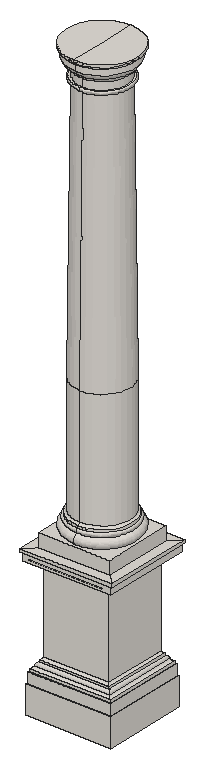
Revit family "Doric Column", category 기둥, Revit 2026
Family settings
  로드될 때 보이드를 사용하여 절단 = 아니오
  자동으로 형상을 벽에 결합합니다 = 예
  공유 = 아니오
  평면도에서 미리 절단된 패밀리 표시 = 예
Parameters (values of type "16'  Height (10 2/3 x Dia.)")
  조합 코드 = "B1010200"
  Diameter = 1' - 6"
  Material = Stone - Marble, Alabaster
  Neck Diameter = 1' - 3 3/4"
Reference planes (in)
  plane 1: y = 0
  plane 2 "Pedestal": z = 0
  plane 3: x = 0
  plane 4: x = -9
  plane 5: x = 9
  plane 6: y = 9
  plane 7: y = -9
  plane 8 "Column": z = 48
  plane 9 "Entablature": z = 192
  plane 10 "1/3 Column": z = 96
  plane 11: y = 14.1126013
  plane 12: y = 7.875
  plane 13: y = -7.875
  plane 14: x = -7.875
  plane 15: x = 7.875
  plane 16 "2/3 Column": z = 144
  plane 17: z = 182
  plane 18: y = 11.5
  plane 19: y = 8.625
  plane 20: z = 52.25
  plane 21: z = 55.5
  plane 22: z = 57.5
  plane 23: z = 56.75
  plane 24: z = 144
  plane 25: z = 96
  plane 26 "1": z = 16.5
  plane 27 "2": z = 43.5
Forms (in)
  Sweep 1, solid, material "Stone - Marble, Alabaster" <- "Material"
    path origin (0, 0, 0) x (1, 0, 0) y (0, 1, 0)
      loop
        line (-14.1126013, 14.1126013) -> (-14.1126013, -14.1126013) -> (14.1126013, -14.1126013) -> (14.1126013, 14.1126013) -> (-14.1126013, 14.1126013)
    profile origin (0, 0, 0) x (0, 1, 0) y (0, 0, 1)
      loop
        line (13.6002026, 0) -> (13.6002026, 9) -> (13.2252026, 9) -> (13.2252026, 12.5) -> (12.8502026, 12.5) -> (12.8502026, 13.25)
        arc (12.8502026, 13.25) -> (12.2314842, 13.5062816) -> (11.9752026, 14.125) r 0.875
        arc (11.9752026, 14.125) -> (11.718921, 14.7437184) -> (11.1002026, 15) r 0.875
        line (11.1002026, 15) -> (11.1002026, 15.75)
        arc (11.1002026, 15.75) -> (10.5698725, 15.9696699) -> (10.3502026, 16.5) r 0.75
        line (10.3502026, 16.5) -> (9, 16.5) -> (9, 0) -> (13.6002026, 0)
  Revolve 2, solid, material "Stone - Marble, Alabaster" <- "Material"
    sketch origin (0, 0, 0) x (0, -1, 0) y (0, 0, 1)
      loop
        line (0, 52.25) -> (-9.75, 52.25)
        arc (-9.75, 52.25) -> (-11.375, 53.875) -> (-9.75, 55.5) r 1.625
        arc (-9.75, 55.5) -> (-10.375, 56.125) -> (-9.75, 56.75) r 0.625
        line (-9.75, 56.75) -> (-9.75, 57.5)
        arc (-9.75, 57.5) -> (-9.2196699, 57.7196699) -> (-9, 58.25) r 0.75
        line (-9, 58.25) -> (-9, 96) -> (-7.875, 182) -> (-8.625, 182)
        arc (-8.625, 182) -> (-9, 182.375) -> (-8.625, 182.75) r 0.375
        line (-8.625, 182.75) -> (-7.875, 182.75) -> (-7.875, 186) -> (-8.625, 186)
        arc (-8.625, 186) -> (-9, 186.375) -> (-8.625, 186.75) r 0.375
        arc (-8.625, 186.75) -> (-9.8624369, 187.2625631) -> (-10.375, 188.5) r 1.75
        line (-10.375, 188.5) -> (-10.625, 188.5) -> (-10.625, 190.5) -> (-10.7499976, 190.5)
        arc (-10.7499976, 190.5) -> (-10.9696682, 191.0303318) -> (-11.5, 191.2500024) r 0.7500024
        line (-11.5, 191.2500024) -> (-11.5, 192) -> (0, 192)
      axis (0, 192) -> (0, 52.25)
    angle from 0 to 360
  Extrusion 3, solid, material "Stone - Marble, Alabaster"
    sketch origin (0, 0, 0) x (1, 0, 0) y (0, 1, 0)
      loop
        line (-11.375, 11.375) -> (-11.375, -11.375) -> (11.375, -11.375) -> (11.375, 11.375) -> (-11.375, 11.375)
    from 48 to 52.25
  Extrusion 4, solid, material "Stone - Marble, Alabaster" <- "Material"
    sketch origin (0, 0, 0) x (1, 0, 0) y (0, 1, 0)
      loop
        line (-10.375, 10.375) -> (-10.375, -10.375) -> (10.375, -10.375) -> (10.375, 10.375) -> (-10.375, 10.375)
    from 16.5 to 43.5
  Sweep 5, solid, material "Stone - Marble, Alabaster" <- "Material"
    path origin (0, 0, 0) x (1, 0, 0) y (0, 1, 0)
      loop
        line (-9, 9) -> (-9, -9) -> (9, -9) -> (9, 9) -> (-9, 9)
    profile origin (0, 0, 0) x (1, 0, 0) y (0, 0, 1)
      loop
        line (-9, 48) -> (-14.625, 48) -> (-14.625, 47) -> (-14.125, 47) -> (-14.125, 44.5) -> (-13.125, 44.5) -> (-11.8064141, 43.5) -> (-9, 43.5) -> (-9, 48)
Dimensions and locks (in)
  equal spacing: plane 4, plane 3, plane 5
  equal spacing: plane 7, plane 1, plane 6
  "Diameter": plane 4 to plane 5
  "Diameter": plane 7 to plane 6
  equal spacing: plane 14, plane 3, plane 15
  "Neck Diameter": plane 14 to plane 15
  "Neck Diameter": plane 13 to plane 12
  equal spacing: plane 13, plane 1, plane 12
  equal spacing: plane 9 "Entablature", plane 16 "2/3 Column", plane 10 "1/3 Column", plane 8 "Column"
  locked: plane 9 "Entablature" to plane 17 at 10
  locked: plane 18 to plane 12 at 3.625
  locked: Sweep 1 sketch curve to plane 4 at 5.1126013
  locked: plane 5 to Sweep 1 sketch curve at 5.1126013
  locked: plane 6 to Sweep 1 sketch curve at 5.1126013
  locked: Sweep 1 sketch curve to plane 7 at 5.1126013
  locked: plane 19 to plane 12 at 0.75
  locked: plane 20 to plane 21 at 3.25
  locked: plane 21 to plane 23 at 1.25
  locked: plane 23 to plane 22 at 0.75
  locked: Extrusion 3 sketch curve to plane 4 at 2.375
  locked: plane 5 to Extrusion 3 sketch curve at 2.375
  locked: plane 6 to Extrusion 3 sketch curve at 2.375
  locked: Extrusion 3 sketch curve to plane 7 at 2.375
  locked: plane 8 "Column" to level at 48
  locked: plane 2 "Pedestal" to level at 0
  locked: plane 8 "Column" to plane 20 at 4.25
  locked: plane 26 "1" to plane 2 "Pedestal" at 16.5
  locked: Extrusion 4 sketch curve to plane 4 at 1.375
  locked: plane 5 to Extrusion 4 sketch curve at 1.375
  locked: plane 6 to Extrusion 4 sketch curve at 1.375
  locked: Extrusion 4 sketch curve to plane 7 at 1.375
  locked: plane 8 "Column" to plane 27 "2" at 4.5
  Sweep 5 sketch curve to plane 4 = 0' - 5 5/8"
  Sweep 5 sketch curve to plane 4 = 0' - 5 1/8"
  locked: plane 8 "Column" to Sweep 5 sketch curve at 1
  locked: Sweep 5 sketch curve to Sweep 5 sketch curve at 2.5
  level to level = 16' - 0"
  aligned and locked: plane 9 "Entablature" to level
  aligned and locked: Sweep 1 sketch curve to plane 26 "1"
  aligned and locked: Revolve 2 sketch curve to plane 20
  aligned and locked: Extrusion 3 to Revolve 2
  aligned and locked: plane 8 "Column" to Extrusion 3
  aligned and locked: plane 27 "2" to Extrusion 4
  aligned and locked: Sweep 5 sketch curve to plane 6
  aligned and locked: Sweep 5 sketch curve to plane 5
  aligned and locked: plane 7 to Sweep 5 sketch curve
  aligned and locked: plane 4 to Sweep 5 sketch curve
  aligned and locked: Sweep 5 sketch curve to plane 8 "Column"
  aligned and locked: Sweep 5 sketch curve to plane 27 "2"
  aligned and locked: plane 26 "1" to Extrusion 4
  aligned and locked: Revolve 2 sketch curve to plane 18
Automatic sketch dimensions
  Sweep 1 sketch curve to level = 0' - 0"
  profile plane to Sweep 1 sketch curve = 0' - 5.1126"
  Sweep 1 sketch curve to Sweep 1 sketch curve = 0' - 1.3502"
  Sweep 1 sketch curve to Sweep 1 sketch curve = 0' - 0 3/4"  (x3)
  Sweep 1 sketch curve to Sweep 1 sketch curve = 0' - 0 7/8"  (x2)
  Sweep 1 sketch curve to Sweep 1 sketch curve = 0' - 0"
  Sweep 1 sketch curve to Sweep 1 sketch curve = 0' - 0 3/8"
  profile plane to Sweep 1 sketch curve = 0' - 0.5124"
  Sweep 1 sketch curve to Sweep 1 sketch curve = 0' - 3 1/2"
  Sweep 5 sketch curve to profile plane = 0' - 0"
  Sweep 5 sketch curve to Sweep 5 sketch curve = 0' - 1"
  Sweep 5 sketch curve to Sweep 5 sketch curve = 0' - 1.31859"
  Revolve 2 sketch curve to plane 22 = 0' - 0"
  Revolve 2 sketch curve to plane 21 = 0' - 0"  (x2)
  Revolve 2 sketch curve to plane 23 = 0' - 0"
  Revolve 2 sketch curve to plane 6 = 0' - 0"
  Revolve 2 sketch curve to plane 19 = 0' - 0"  (x2)
  Revolve 2 sketch curve to plane 12 = 0' - 0"  (x2)
  Revolve 2 sketch curve to plane 1 = 0' - 0"  (x3)
  Revolve 2 sketch curve to level = 0' - 0"  (x2)
  Revolve 2 sketch curve to plane 20 = 0' - 0"
  Revolve 2 sketch curve to plane 10 "1/3 Column" = 0' - 0"
  Revolve 2 sketch curve to plane 17 = 0' - 0"
  Revolve 2 sketch curve to Revolve 2 sketch curve = 0' - 0 3/4"
  Revolve 2 sketch curve to Revolve 2 sketch curve = 0' - 0 1/8"
  Revolve 2 sketch curve to Revolve 2 sketch curve = 0' - 0 1/4"
  Revolve 2 sketch curve to plane 6 = 0' - 0 3/4"
  Revolve 2 sketch curve to Revolve 2 sketch curve = 0' - 0 3/8"  (x2)
  Revolve 2 sketch curve to Revolve 2 sketch curve = 0' - 3 1/4"
  Revolve 2 sketch curve to Revolve 2 sketch curve = 0' - 0"
  Revolve 2 sketch curve to level = 0' - 1 1/2"
